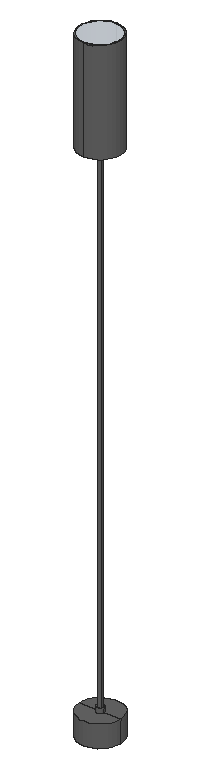
Revit family "LTC-4RDW-P", category Lighting Fixtures, host Face, Revit 2017
Family settings
  Host = Face
  Round Connector Dimension = Use Diameter
  Part Type = Normal
  OmniClass Number = 23.80.70.11.14.11
  OmniClass Title = Downlights
  Cut with Voids When Loaded = No
  Light Source = Yes
  Shared = No
  Room Calculation Point = No
Parameters (values of type "LTC-4RDW-PCC")
  Wattage Comments = "8-52W"
  Wattage = 100 W
  Warranty = "• 5 year warranty\r\n• See HLI Standard Warranty for\r\nadditional information"  # constant formula
  built-in parameter 1150110 = 1 (stored number, unit not read)
  Voltage = 120 V
  built-in parameter 1114217 = 1 (stored number, unit not read)
  Tilt Angle = -90.00°  # constant formula
  built-in parameter 1150109 = 1 (stored number, unit not read)
  built-in parameter 1150134 = 3
  built-in parameter 1150113 = 1 (stored number, unit not read)
  RMD = no
  Photometric Web File = "LTC-4RD-P-20L35K8MD-DM1-S-BL.ies"
  Features = "• 4inch architectural LED downlight and wall wash cylinder delivering 600–1500 lm \r\n• 4 beam distributions from 0.4 to 1.2 Spacing Criteria \r\n• Quiet reflector appearance with 50º optical cutoff\r\n • SpectraSync™ Color Tuning technology allows the flexibility to tailor CCT to aesthetic preferences • Available in Dim To Warm (2200K-3000K) or Tunable White (2700K-5000K or 2700K-6500K), 90+ CRI \r\n• Available in Surface, Wall, Pendant, or Cable/Cord Mount configurations\r\n• Versatile canopy options for recessed and surface-mounted J-box applications \r\n• Standard with 0-10V dimming to 5%\r\n"  # constant formula
  Cord Height = 72.000"
  built-in parameter 1150105 = 159.15 (stored number, unit not read)
  Lumens = 2000 lm
  built-in parameter 1150115 = 1 (stored number, unit not read)
  built-in parameter 1150137 = (empty or 0)
  built-in parameter 1150139 = (empty or 0)
  built-in parameter 1150112 = 1 (stored number, unit not read)
  built-in parameter 1150114 = 1 (stored number, unit not read)
  built-in parameter 1150132 = 2
  built-in parameter 1150102 = (empty or 0)
  built-in parameter 1150107 = 3200 (stored number, unit not read)
  built-in parameter 1150138 = (empty or 0)
  built-in parameter 1150106 = 1.5915 (stored number, unit not read)
  Emit from Circle Diameter = 5.600"  # constant formula
  Emit Shape Visible in Rendering = no
  built-in parameter 1150104 = 1.8581 (stored number, unit not read)
  Dimming Lamp Color Temperature Shift = <None>
  Copyright = "© 2021 Prescolite, a division of Hubbell Lighting, Inc"  # constant formula
  Contact us = "https://www.hubbell.com/prescolite/en/contactUs"
  Color Filter = 16777215
  Certifications = "• cCSAus certified to UL 1598\r\n• Wall Mount: Suitable for wet locations\r\n• Surface & Pendant Mount: Suitable for wet\r\nlocations under covered ceiling\r\n• Cord Mount and all Wall Wash: Suitable for\r\ndamp locations"  # constant formula
  Canopy Height = 3.000"
  Canopy Diameter = 5.750"
  built-in parameter 1114218 = 1 (stored number, unit not read)
  Ballast = Paint - Hubbell - Carbon Black
  URL = "https://www.hubbell.com/prescolite/en"
  Product Page URL = "https://www.hubbell.com/prescolite/en/Products/Lighting-Controls/Commercial-Indoor-Lighting/Cylinders/LITEISTRY-4-Round-Cylinder-wSpectraSync/p/3775859"
  Product Documentation Link = "https://hubbellcdn.com/specsheet/LTC-4RDW%20SpectraSync.pdf"
  Model = "LTC-4RDW"  # constant formula
  Manufacturer = "Prescolite"  # constant formula
  Lamp = "LED Lamp"
  Reflector = Glass - Hubbell - Glass
  Description = "LITEISTRY™ 4inch Round Cylinder with color tuning"  # constant formula
  Default Elevation = 48.000"
  built-in parameter 1150133 = 10 (stored number, unit not read)
  Apparent Load = 25 VA  # constant formula
Types (3): name | RMD | Canopy Height | Canopy Diameter
  (no name) | no | 3.000" | 5.750"
  LTC-4RDW-P | yes | 1.000" | 5.600"
  LTC-4RDW-PCC | no | 3.000" | 5.750"
Reference planes (in)
  plane 1 "Center (Front/Back)": y = 0
  plane 2: z = 0
  plane 3 "Center (Left/Right)": x = 0
  plane 4: z = 72
  plane 5: z = 71.75
  plane 6: x = -1
  plane 7: y = 1
  plane 8: x = 1
  plane 9: y = -1
  plane 10: z = 0.25
  plane 11: x = -2.875
  plane 12: x = 2.875
  plane 13: z = 3
  plane 14: z = 87
Forms (in)
  Revolve 1, solid, material "Paint - Hubbell - Carbon Black" <- "Ballast"
    sketch origin (0, 0, -5.41673) x (1, 0, 0) y (0, 0, 1)
      loop
        line (0, 77.91673) -> (-0.38833, 77.91673) -> (-0.38833, 77.66673) -> (-0.25, 77.66673) -> (-0.25, 8.99095) -> (-0.5, 8.99095) -> (-0.5, 8.41673) -> (0, 8.41673) -> (0, 77.91673)
      axis (0, 77.91673) -> (0, 8.41673)
    angle from 0 to 360
  Revolve 2, solid, material "Paint - Hubbell - Carbon Black" <- "Ballast"
    sketch origin (0, 0, 0) x (1, 0, 0) y (0, 0, 1)
      loop
        line (0, 0) -> (2.875, 0) -> (2.875, 3) -> (0, 3) -> (0, 0)
      axis (0, 3) -> (0, 0)
    angle from 0 to 360
  Revolve 3, solid, material "Paint - Hubbell - Carbon Black" <- "Ballast", visible <- "RMD"
    sketch origin (0, 0, 0) x (1, 0, 0) y (0, 0, 1)
      loop
        line (0, 0) -> (3.58, 0) -> (3.58, 0.25) -> (0, 0.25) -> (0, 0)
      axis (0, 0.25) -> (0, 0)
    angle from 0 to 360
  Extrusion 4, solid, material "Paint - Hubbell - Carbon Black" <- "Ballast", visible <- "RMD"
    sketch origin (7.83986, -180, 7.93836) x (-1, 0, 0) y (0, -1, 0)
      loop
        line (7.83986, -181.75) -> (9.35541, -180.875) -> (9.35541, -179.125) -> (7.83986, -178.25) -> (6.32432, -179.125) -> (6.32432, -180.875) -> (7.83986, -181.75)
    from -8.60849 to -7.93836
Dimensions and locks (in)
  "Cord Height": plane 4 to host face
  locked: plane 4 to plane 5 at 0.25
  plane 6 to plane 3 "Center (Left/Right)" to plane 8 = 1.000" locked, 1.000" locked
  plane 7 to plane 1 "Center (Front/Back)" to plane 9 = 1.000" locked, 1.000" locked
  locked: plane 10 to level at 0.25
  nested 1 to nested 1 = 5.60156"
  nested 1 to plane 4 = 14.500"
  equal spacing: plane 12, plane 3 "Center (Left/Right)", plane 11
  "Canopy Diameter": plane 12 to plane 11
  "Canopy Height": plane 13 to plane 2
  locked: plane 14 to plane 4 at 15
  aligned and locked: plane 2 to host face
  aligned and locked: plane 3 "Center (Left/Right)" to nested 1
  aligned and locked: nested 1 to plane 1 "Center (Front/Back)"
  aligned and locked: plane 3 "Center (Left/Right)" to imposter light
  aligned and locked: plane 12 to Revolve 2 sketch curve
  aligned and locked: Revolve 2 sketch curve to plane 2
  aligned and locked: Revolve 2 sketch curve to plane 3 "Center (Left/Right)"
  aligned and locked: Revolve 2 sketch curve to plane 13
  aligned and locked: plane 13 to Revolve 1 sketch curve
  aligned and locked: imposter light to plane 14
Automatic sketch dimensions
  host sketch curve to host sketch curve = 96.000"  (x2)
  Revolve 2 sketch curve to plane 3 "Center (Left/Right)" = 0.000"
  Revolve 2 sketch curve to level = 23.63999"
  plane 4 to Revolve 2 sketch curve = 85.57883"
  Revolve 1 sketch curve to plane 3 "Center (Left/Right)" = 0.000"  (x2)
  Revolve 1 sketch curve to plane 3 "Center (Left/Right)" = 0.250"
  Revolve 1 sketch curve to Revolve 1 sketch curve = 0.13833"
  Revolve 1 sketch curve to Revolve 1 sketch curve = 0.250"  (x2)
  plane 4 to Revolve 1 sketch curve = 0.250"
  Revolve 1 sketch curve to Revolve 1 sketch curve = 0.57422"
  Revolve 1 sketch curve to level = 13.25728"
  Revolve 1 sketch curve to Revolve 1 sketch curve = 7.74272"
  Revolve 3 sketch curve to plane 3 "Center (Left/Right)" = 0.000"  (x2)
  Revolve 3 sketch curve to level = 0.000"
  Revolve 3 sketch curve to plane 10 = 0.000"
  plane 12 to Revolve 3 sketch curve = 0.705"
  Revolve 3 sketch curve to level = 23.63999"
  plane 4 to Revolve 3 sketch curve = 85.57883"
Nested families (in)
  nested 1: "LTC" at (0, 0, 72.5) x (0, 1, 0) z (0, 0, 1), Ballast <- "Ballast", Reflector <- "Reflector", type "6"
    with Reflector Glass - Hubbell - Glass, Ballast Paint - Hubbell - Carbon Black
Connectors (in)
  electrical at (0, 0, 0), driven by "Description", driven by "Voltage", driven by "Apparent Load"
    settings: index 1, voltage 120 V, apparent load 25 VA, apparent load phase1 0 VA, apparent load phase2 0 VA, apparent load phase3 0 VA, power factor 1, load classification "Other", number of poles 1, system type 30, power factor state 1, is connector primary yes, connector utility no, sub classification motor no, connector description "LITEISTRY™ 4inch Round Cylinder with color tuning"
Definition of nested family "LTC"
  Parameters
    Width = 5.60156"
    Wattage Comments = ""
    Lamp = ""
    Ballast [instance] = none
    URL = ""
    Product Page URL = ""
    Product Documentation Link = ""
    Model = ""
    Manufacturer Phone = ""
    Manufacturer Fax = ""
    Manufacturer = "Prescolite"
    Reflector [instance] = none
    Description = ""
    Default Elevation = 48.000"
  Reference planes (in)
    plane 1 "Center (Front/Back)": y = 0
    plane 2: z = 0
    plane 3 "Center (Left/Right)": x = 0
    plane 4: y = 7.75
    plane 5: y = -7.75
    plane 6: x = -2.80078
    plane 7: x = 2.80078
    plane 8: z = 14
    plane 9: z = 0.125
    plane 10: x = 2.67578
    plane 11: z = 13.875
  Forms (in)
    Extrusion 1, solid
      sketch origin (0, 0, 0) x (1, 0, 0) y (0, 1, 0)
        loop
          line (-48, 48) -> (-48, -48) -> (48, -48) -> (48, 48) -> (-48, 48)
      from 0 to -6
    Extrusion 2, solid, material <- "Reflector"
      sketch origin (0, 0, 30.25) x (1, 0, 0) y (0, 1, 0)
        loop
          circle (0, 0) r 2.67578
      from -16.25 to -16.375
    Revolve 3, solid, material <- "Ballast"
      sketch origin (0, 0, -1.25) x (1, 0, 0) y (0, 0, 1)
        loop
          line (2.80078, 15.25) -> (2.67578, 15.25) -> (2.67578, 1.375) -> (0, 1.375) -> (0, 1.25) -> (2.80078, 1.25) -> (2.80078, 15.25)
        axis (0, 15.25) -> (0, 1.25)
      angle from 0 to 360
  Dimensions and locks (in)
    locked: plane 4 to plane 1 "Center (Front/Back)" at 7.75
    locked: plane 5 to plane 1 "Center (Front/Back)" at 7.75
    "Width": plane 7 to plane 6
    plane 8 to Extrusion 1 = 14.000"
    locked: plane 8 to plane 11 at 0.125
    locked: plane 7 to plane 10 at 0.125
    equal spacing: plane 7, plane 3 "Center (Left/Right)", plane 6
    locked: plane 9 to Extrusion 1 at 0.125
    aligned and locked: plane 2 to Extrusion 1
    aligned and locked: Revolve 3 sketch curve to plane 3 "Center (Left/Right)"
    aligned and locked: plane 8 to Revolve 3 sketch curve
    aligned and locked: plane 9 to Revolve 3 sketch curve
    aligned and locked: Revolve 3 to Extrusion 2
    aligned and locked: Extrusion 2 to plane 11
    aligned and locked: Extrusion 2 sketch curve to Revolve 3
    aligned and locked: Revolve 3 sketch curve to plane 10
    aligned and locked: Revolve 3 sketch curve to plane 7
  Automatic sketch dimensions
    Extrusion 1 sketch curve to Extrusion 1 sketch curve = 96.000"  (x2)
    Revolve 3 sketch curve to plane 3 "Center (Left/Right)" = 0.000"
    Revolve 3 sketch curve to level = 10.000"
    Revolve 3 sketch curve to Revolve 3 sketch curve = 8.000"
    Revolve 3 sketch curve to plane 9 = 0.125"
